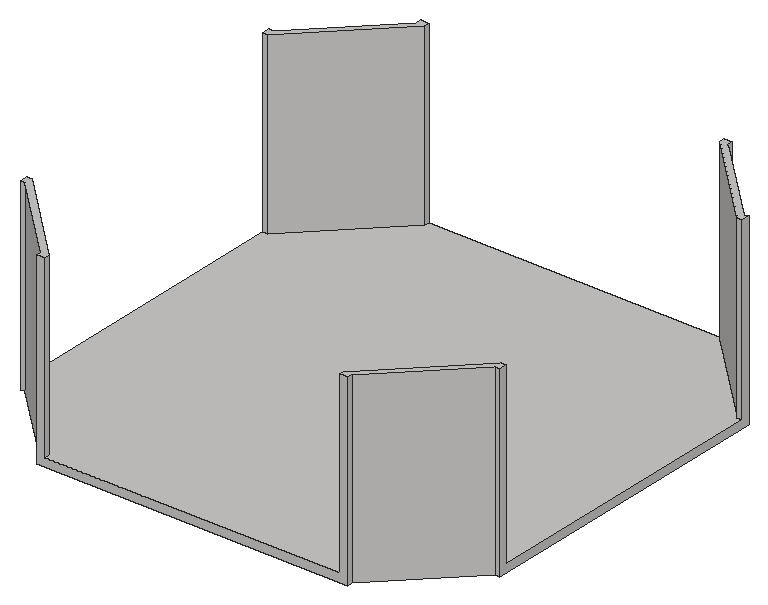
Revit family "Cable_Tray_Fitting-Ventilated_Tray-OBO_Bettermann-Channel_Horizontal_Cross_Over_100-300-MKS_Magic", category Cable Tray Fittings, Revit 2012
Parameters (values of type "Hot Dipped Galvanised")
  URL = "http://www.obo-bettermann.com/"
  Tray Width 3 [instance] = 100 mm
  Tray Width 1 [instance] = 100 mm
  Tray Length [instance] = 1.588 mm
  Tray Height [instance] = 60 mm
  built-in parameter 1140111 [instance] = 2.58 mm
  Radius Label 1 [instance] = Radius Label + [built-in parameter 1140111]  # 27.98 mm
  Radius Label [instance] = Radius  # 25.4 mm
  Radius = 25.4 mm
  Product Page URL = "http://catalog2.obo-bettermann.com/catalogue/catalogue.do?favOid=kts_315277&act=showIO&lang=en&action=start&catId=KTS&forward=showSolutionView"
  Product Documentation Link = ""
  Pre Galvanized = yes
  Model = "MKS-Magic"
  Manufacturer = "OBO Bettermann"
  Description = "Ventilated Cable Tray"
  Connector Description 4 = "Connector for Cable Tray 4"  # constant formula
  Connector Description 3 = "Connector for Cable Tray 3"  # constant formula
  Connector Description 2 = "Connector for Cable Tray 2"  # constant formula
  Connector Description = "Connector for Cable Tray 1"  # constant formula
  Classification = "Refer to online Catalog for UL and cUL classifed sizes and wire sizes."
  Cable Tray Material = Metal - OBO Bettermann - Hot-Dipped-Galvanised
  Assembly Code = "D5030600"
Types (2, lengths in mm): name | Cable Tray Material
  Stripped Galvanised | Metal - OBO Bettermann - Strip-Galvanised
  Hot Dipped Galvanised | Metal - OBO Bettermann - Hot-Dipped-Galvanised
Reference planes
  plane 1 "Center (Front/Back)": y = 0
  plane 2: z = 0
  plane 3 "Center (Left/Right)": x = 0
  plane 4: y = 50
  plane 5: y = -50
  plane 6: z = 30
  plane 7: z = -30
  plane 8: y = -75.4
  plane 9: x = -50
  plane 10: x = 50
  plane 11: x = -75.4
  plane 12: x = 75.4
  plane 13: y = -47.42
  plane 14: y = 47.42
  plane 15: y = -76.988
  plane 16: x = -47.42
  plane 17: x = 47.42
  plane 18: x = -76.987
  plane 19: x = 76.988
  plane 20: z = -27.42
  plane 21: y = 75.4
  plane 22: y = 76.987
Forms (mm)
  Extrusion 1, solid, material "Metal - OBO Bettermann - Hot-Dipped-Galvanised" <- "Cable Tray Material", detail levels medium+fine
    sketch origin (-0.8, 0, 0) x (1, 0, 0) y (0, 1, 0)
      loop
        line (-76.187, -47.42) -> (-76.187, -50) -> (-74.6, -50) -> (-49.2, -75.4) -> (-49.2, -76.988) -> (-46.62, -76.988) -> (-46.62, -75.4) -> (-74.6, -47.42) -> (-76.187, -47.42)
      loop
        line (76.2, -50) -> (77.788, -50) -> (77.788, -47.42) -> (76.2, -47.42) -> (48.22, -75.4) -> (48.22, -76.988) -> (50.8, -76.988) -> (50.8, -75.4) -> (76.2, -50)
      loop
        line (-76.187, 50) -> (-76.187, 47.42) -> (-74.6, 47.42) -> (-46.62, 75.4) -> (-46.62, 76.987) -> (-49.2, 76.987) -> (-49.2, 75.4) -> (-74.6, 50) -> (-76.187, 50)
      loop
        line (48.22, 76.987) -> (48.22, 75.4) -> (76.2, 47.42) -> (77.788, 47.42) -> (77.788, 50) -> (76.2, 50) -> (50.8, 75.4) -> (50.8, 76.987) -> (48.22, 76.987)
    from -30 to 30
  Extrusion 2, solid, material "Metal - OBO Bettermann - Hot-Dipped-Galvanised" <- "Cable Tray Material", detail levels medium+fine
    sketch origin (0, 0, 0) x (1, 0, 0) y (0, 1, 0)
      loop
        line (-76.987, -50) -> (-75.4, -50) -> (-50, -75.4) -> (-50, -76.988) -> (50, -76.988) -> (50, -75.4) -> (75.4, -50) -> (76.988, -50) -> (76.988, 50) -> (75.4, 50) -> (50, 75.4) -> (50, 76.987) -> (-50, 76.987) -> (-50, 75.4) -> (-75.4, 50) -> (-76.987, 50) -> (-76.987, -50)
    from -30 to -27.42
  Extrusion 3, solid, material "Metal - OBO Bettermann - Hot-Dipped-Galvanised" <- "Cable Tray Material", detail levels medium
    sketch origin (0, 0, 0) x (1, 0, 0) y (0, 1, 0)
      loop
        line (-76.987, 50) -> (-76.987, -50) -> (-75.4, -50) -> (-50, -75.4) -> (-50, -76.988) -> (50, -76.988) -> (50, -75.4) -> (75.4, -50) -> (76.988, -50) -> (76.988, 50) -> (75.4, 50) -> (50, 75.4) -> (50, 76.987) -> (-50, 76.987) -> (-50, 75.4) -> (-75.4, 50) -> (-76.987, 50)
    from -30 to 30
Cuts and joins
  joined: Extrusion 1, Extrusion 2
Lines and regions (mm)
  model lines, style "Coarse View", detail levels coarse
    curve 1: line (-76.987, 0, 0) -> (76.988, 0, 0)
    curve 2: line (0, 0, 0) -> (0, -76.988, 0)
    curve 3: line (0, 76.987, 0) -> (0, 0, 0)
  symbolic lines, detail levels fine
    curve 4: line (47.42, 76.987, 0) -> (47.42, 75.4, 0)
    curve 5: line (47.42, 75.4, 0) -> (75.4, 47.42, 0)
    curve 6: line (75.4, 47.42, 0) -> (76.988, 47.42, 0)
    curve 7: line (76.988, -47.42, 0) -> (75.4, -47.42, 0)
    curve 8: line (75.4, -47.42, 0) -> (47.42, -75.4, 0)
    curve 9: line (47.42, -75.4, 0) -> (47.42, -76.988, 0)
    curve 10: line (-47.42, -76.988, 0) -> (-47.42, -75.4, 0)
    curve 11: line (-47.42, -75.4, 0) -> (-75.4, -47.42, 0)
    curve 12: line (-75.4, -47.42, 0) -> (-76.987, -47.42, 0)
Dimensions and locks
  equal spacing: plane 4, plane 1 "Center (Front/Back)", plane 5
  "Tray Width 1": plane 4 to plane 5
  equal spacing: plane 6, plane 2, plane 7
  "Tray Height": plane 6 to plane 7
  "Radius Label": plane 5 to plane 8
  equal spacing: plane 9, plane 3 "Center (Left/Right)", plane 10
  "Tray Width 3": plane 9 to plane 10
  "Radius Label": plane 11 to plane 9
  "Radius Label": plane 10 to plane 12
  "built-in parameter 1140111": plane 13 to plane 5
  "built-in parameter 1140111": plane 4 to plane 14
  "Tray Length": plane 8 to plane 15
  "built-in parameter 1140111": plane 9 to plane 16
  "built-in parameter 1140111": plane 17 to plane 10
  "Tray Length": plane 18 to plane 11
  "Tray Length": plane 12 to plane 19
  "built-in parameter 1140111": plane 20 to plane 7
  "Tray Length": plane 21 to plane 22
  "Radius": plane 21 to plane 4
  aligned and locked: plane 11 to Extrusion 1 sketch curve  (x4)
  aligned and locked: Extrusion 1 sketch curve to plane 13
  aligned and locked: plane 18 to Extrusion 1 sketch curve  (x2)
  aligned and locked: Extrusion 1 sketch curve to plane 5
  aligned and locked: plane 8 to Extrusion 1 sketch curve  (x4)
  aligned and locked: plane 15 to Extrusion 1 sketch curve  (x2)
  aligned and locked: plane 16 to Extrusion 1 sketch curve  (x3)
  aligned and locked: plane 9 to Extrusion 1 sketch curve  (x3)
  aligned and locked: Extrusion 1 sketch curve to plane 15  (x2)
  aligned and locked: Extrusion 1 sketch curve to plane 18  (x2)
  aligned and locked: Extrusion 1 to plane 7
  aligned and locked: plane 6 to Extrusion 1
  aligned and locked: plane 19 to Extrusion 1 sketch curve  (x3)
  aligned and locked: plane 5 to Extrusion 1 sketch curve  (x3)
  aligned and locked: plane 13 to Extrusion 1 sketch curve  (x3)
  aligned and locked: Extrusion 1 sketch curve to plane 19
  aligned and locked: Extrusion 1 sketch curve to plane 17
  aligned and locked: Extrusion 1 sketch curve to plane 10  (x2)
  aligned and locked: plane 10 to Extrusion 1 sketch curve  (x2)
  aligned and locked: plane 17 to Extrusion 1 sketch curve  (x3)
  aligned and locked: plane 18 to Extrusion 2 sketch curve  (x2)
  aligned and locked: plane 11 to Extrusion 2 sketch curve  (x2)
  aligned and locked: Extrusion 2 sketch curve to plane 5
  aligned and locked: plane 4 to Extrusion 2 sketch curve
  aligned and locked: plane 5 to Extrusion 2 sketch curve
  aligned and locked: plane 19 to Extrusion 2 sketch curve  (x2)
  aligned and locked: plane 12 to Extrusion 2 sketch curve  (x2)
  aligned and locked: plane 8 to Extrusion 2 sketch curve  (x2)
  aligned and locked: plane 15 to Extrusion 2 sketch curve
  aligned and locked: plane 10 to Extrusion 2 sketch curve
  aligned and locked: plane 9 to Extrusion 2 sketch curve
  aligned and locked: Extrusion 2 sketch curve to plane 15
  aligned and locked: Extrusion 2 to plane 7
  aligned and locked: plane 20 to Extrusion 2
  aligned and locked: plane 18 to Extrusion 3 sketch curve  (x2)
  aligned and locked: plane 11 to Extrusion 3 sketch curve  (x2)
  aligned and locked: Extrusion 3 sketch curve to plane 5  (x2)
  aligned and locked: plane 4 to Extrusion 3 sketch curve  (x2)
  aligned and locked: plane 5 to Extrusion 3 sketch curve
  aligned and locked: plane 12 to Extrusion 3 sketch curve  (x2)
  aligned and locked: plane 19 to Extrusion 3 sketch curve  (x2)
  aligned and locked: plane 15 to Extrusion 3 sketch curve
  aligned and locked: Extrusion 3 sketch curve to plane 10  (x2)
  aligned and locked: plane 8 to Extrusion 3 sketch curve
  aligned and locked: plane 10 to Extrusion 3 sketch curve
  aligned and locked: plane 9 to Extrusion 3 sketch curve
  aligned and locked: Extrusion 3 sketch curve to plane 15
  aligned and locked: Extrusion 3 to plane 7
  aligned and locked: plane 6 to Extrusion 3
  aligned and locked: plane 19 to curve 1
  aligned and locked: plane 18 to curve 1
  aligned and locked: plane 15 to curve 2
  aligned and locked: plane 1 "Center (Front/Back)" to curve 2
  aligned and locked: curve 2 to plane 3 "Center (Left/Right)"
  aligned and locked: Extrusion 1 sketch curve to plane 14
  aligned and locked: Extrusion 1 sketch curve to plane 4
  aligned and locked: plane 22 to Extrusion 1 sketch curve  (x4)
  aligned and locked: Extrusion 1 sketch curve to plane 9
  aligned and locked: Extrusion 1 sketch curve to plane 16
  aligned and locked: plane 4 to Extrusion 1 sketch curve  (x2)
  aligned and locked: plane 14 to Extrusion 1 sketch curve  (x2)
  aligned and locked: plane 22 to Extrusion 3 sketch curve  (x2)
  aligned and locked: plane 21 to Extrusion 3 sketch curve  (x2)
  aligned and locked: Extrusion 3 sketch curve to plane 9
  aligned and locked: plane 22 to Extrusion 2 sketch curve  (x2)
  aligned and locked: plane 21 to Extrusion 2 sketch curve  (x2)
  aligned and locked: Extrusion 2 sketch curve to plane 9
  aligned and locked: Extrusion 2 sketch curve to plane 10
  aligned and locked: plane 22 to curve 3
  aligned and locked: curve 3 to plane 3 "Center (Left/Right)"
  aligned and locked: plane 12 to Extrusion 1 sketch curve  (x3)
  aligned and locked: plane 21 to Extrusion 1 sketch curve  (x4)
  aligned and locked: Extrusion 3 sketch curve to cut or joined group of Extrusion 1, Extrusion 2  (x4)
  aligned and locked: Extrusion 2 sketch curve to cut or joined group of Extrusion 1, Extrusion 2  (x4)
  aligned and locked: curve 4 to cut or joined group of Extrusion 1, Extrusion 2
  aligned and locked: curve 5 to cut or joined group of Extrusion 1, Extrusion 2
  aligned and locked: curve 6 to cut or joined group of Extrusion 1, Extrusion 2
  aligned and locked: curve 7 to cut or joined group of Extrusion 1, Extrusion 2
  aligned and locked: curve 8 to cut or joined group of Extrusion 1, Extrusion 2
  aligned and locked: curve 9 to cut or joined group of Extrusion 1, Extrusion 2
  aligned and locked: curve 10 to cut or joined group of Extrusion 1, Extrusion 2
  aligned and locked: curve 11 to cut or joined group of Extrusion 1, Extrusion 2
  aligned and locked: curve 12 to cut or joined group of Extrusion 1, Extrusion 2
  aligned and locked: plane 18 to curve 12
  aligned and locked: plane 15 to curve 10
  aligned and locked: plane 15 to curve 9
  aligned and locked: plane 19 to curve 7
  aligned and locked: plane 19 to cut or joined group of Extrusion 1, Extrusion 2
  aligned and locked: plane 19 to curve 6
  aligned and locked: plane 22 to curve 4
  aligned and locked: plane 22 to cut or joined group of Extrusion 1, Extrusion 2
Automatic sketch dimensions
  Extrusion 1 sketch curve to plane 12 = 0 mm
  curve 4 to plane 17 = 0 mm
  curve 5 to plane 12 = 0 mm
  curve 5 to plane 14 = 0 mm
  plane 21 to curve 4 = 0 mm
  curve 8 to plane 8 = 0 mm
  curve 8 to plane 17 = 0 mm
  curve 8 to plane 12 = 0 mm
  curve 7 to plane 13 = 0 mm
  curve 11 to plane 11 = 0 mm
  curve 10 to plane 16 = 0 mm
  curve 10 to plane 8 = 0 mm
  curve 11 to plane 13 = 0 mm
Connectors
  cabletrayconduit at (-76.987, 0, 0), driven by "Tray Height", driven by "Tray Width 1", driven by "Connector Description"
    settings: on Extrusion 3, index 1, connector width 100 mm, connector height 60 mm, connector radius 304.8 mm, connector angle 0.00°, system type 32, placement type 0, profile type 1, connector reference index 2, is primary connector yes, connector utility param no, connector description "Connector for Cable Tray 1"
  cabletrayconduit at (76.988, 0, 0), driven by "Tray Height", driven by "Tray Width 1", driven by "Connector Description 2"
    settings: on Extrusion 3, index 2, connector width 100 mm, connector height 60 mm, connector radius 304.8 mm, connector angle 0.00°, system type 32, placement type 0, profile type 1, connector reference index 1, is primary connector no, connector utility param no, connector description "Connector for Cable Tray 2"
  cabletrayconduit at (0, -76.988, 0), driven by "Tray Height", driven by "Tray Width 3", driven by "Connector Description 3"
    settings: on Extrusion 3, index 3, connector width 100 mm, connector height 60 mm, connector radius 304.8 mm, connector angle 0.00°, system type 32, placement type 0, profile type 1, connector reference index 4, is primary connector no, connector utility param no, connector description "Connector for Cable Tray 3"
  cabletrayconduit at (0, 76.987, 0), driven by "Tray Height", driven by "Tray Width 3", driven by "Connector Description 4"
    settings: on Extrusion 3, index 4, connector width 100 mm, connector height 60 mm, connector radius 304.8 mm, connector angle 0.00°, system type 32, placement type 0, profile type 1, connector reference index 3, is primary connector no, connector utility param no, connector description "Connector for Cable Tray 4"
